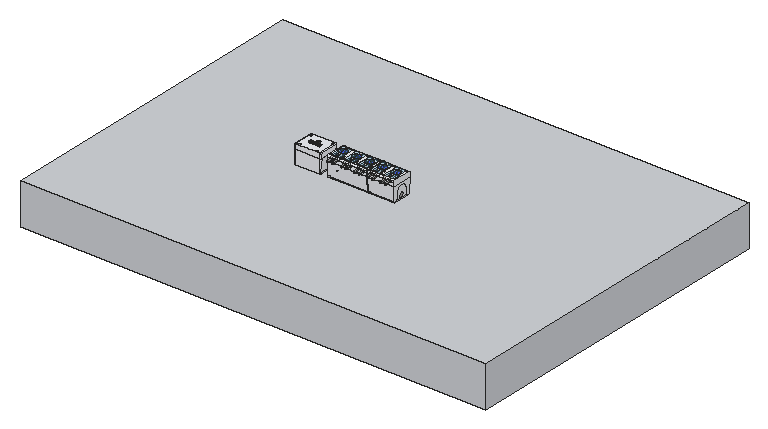
Revit family "QF_ELECTROLUXPROFESSIONAL_1LSMZW_DOSAVE", category Specialty Equipment, host Face, Revit 2014 (continued)
Definition of nested family "QF_ELECTROLUXPROFESSIONAL_EDS_2PUMPS"
  Forms (mm)
    Extrusion 20, void
      sketch origin (0, 0, 151.252) x (0, -1, 0) y (1, 0, 0)
        loop
          arc (66.003, 248) -> (64.539, 251.536) -> (61.003, 253) r 5
          line (61.003, 253) -> (40.513, 253)
          arc (40.513, 253) -> (33.183, 245) -> (40.513, 237) r 8.031
          line (40.513, 237) -> (61.003, 237)
          arc (61.003, 237) -> (64.539, 238.464) -> (66.003, 242) r 5
          line (66.003, 242) -> (66.003, 245)
        loop
          line (86.222, 369) -> (16.583, 369)
          arc (16.583, 369) -> (-30, 344) -> (16.583, 319) r 30
          line (16.583, 319) -> (86.222, 319) -> (86.222, 334) -> (28.284, 334)
          arc (28.284, 334) -> (30, 344) -> (28.284, 354) r 30
          line (28.284, 354) -> (86.222, 354) -> (86.222, 369)
        loop
          circle (-38, 344) r 5
        loop
          line (66.003, 344) -> (66.003, 347)
          arc (66.003, 347) -> (64.539, 350.536) -> (61.003, 352) r 5
          line (61.003, 352) -> (40.513, 352)
          arc (40.513, 352) -> (33.183, 344) -> (40.513, 336) r 8.031
          line (40.513, 336) -> (61.003, 336)
          arc (61.003, 336) -> (64.539, 337.464) -> (66.003, 341) r 5
          line (66.003, 341) -> (66.003, 344)
      from 0 to -22
    Extrusion 21, solid, material "QF_Finishes_Blue"
      sketch origin (0, 0, 151.252) x (0, -1, 0) y (1, 0, 0)
        loop
          arc (40.513, 253) -> (33.183, 245) -> (40.513, 237) r 8.031
          line (40.513, 237) -> (61.003, 237)
          arc (61.003, 237) -> (64.539, 238.464) -> (66.003, 242) r 5
          line (66.003, 242) -> (66.003, 248)
          arc (66.003, 248) -> (64.539, 251.536) -> (61.003, 253) r 5
          line (61.003, 253) -> (40.513, 253)
        loop
          arc (40.513, 352) -> (33.183, 344) -> (40.513, 336) r 8.031
          line (40.513, 336) -> (61.003, 336)
          arc (61.003, 336) -> (64.539, 337.464) -> (66.003, 341) r 5
          line (66.003, 341) -> (66.003, 347)
          arc (66.003, 347) -> (64.539, 350.536) -> (61.003, 352) r 5
          line (61.003, 352) -> (40.513, 352)
      from 0 to 1.8
  Cuts and joins
    Extrusion 4, Extrusion 5, Extrusion 18 cuts Extrusion 2
    Extrusion 20 cuts Extrusion 3
    Extrusion 20 cuts Extrusion 8
    Extrusion 20 cuts Extrusion 9
    Extrusion 20 cuts Revolve 10
    Extrusion 20 cuts Extrusion 11
    Extrusion 20 cuts Revolve 12
    Extrusion 20 cuts Revolve 14
    Extrusion 20 cuts Revolve 16
  Lines and regions (mm)
    symbolic lines
      curve 1: line (392.5, 0, 5) -> (392.5, 0, 111.417)
      curve 2: line (392.5, 0, 111.417) -> (392.5, 0, 151.252)
      curve 3: line (196.5, 0, 151.252) -> (196.5, 0, 111.417)
      curve 4: line (196.5, 0, 111.417) -> (196.5, 0, 5)
      curve 5: line (382, 0, 153.019) -> (306, 0, 153.019)
      curve 6: line (392.5, 0, 111.417) -> (196.5, 0, 111.417)
      curve 7: line (196.5, 0, 5) -> (392.5, 0, 5)
      curve 8: line (392.5, 0, 151.252) -> (196.5, 0, 151.252)
      curve 9: line (382, 0, 151.252) -> (382, 0, 153.019)
      curve 10: line (306, 0, 151.252) -> (306, 0, 153.019)
      curve 11: line (349.023, 0, 157.471) -> (338.977, 0, 157.471)
      curve 12: line (338.977, 0, 157.471) -> (338.977, 0, 153.019)
      curve 13: line (349.023, 0, 157.471) -> (349.023, 0, 153.019)
      curve 14: arc (349.023, 0, 157.471) -> (344, 0, 161.264) -> (338.977, 0, 157.471) r 5.222
      curve 15: arc (313.991, 0, 153.019) -> (327.249, 0, 158.344) -> (341.366, 0, 160.55) r 63.114
      curve 16: arc (346.636, 0, 160.55) -> (360.742, 0, 158.341) -> (373.991, 0, 153.019) r 63.114
      curve 17: line (283, 0, 153.019) -> (207, 0, 153.019)
      curve 18: line (283, 0, 151.252) -> (283, 0, 153.019)
      curve 19: line (207, 0, 151.252) -> (207, 0, 153.019)
      curve 20: line (250.023, 0, 157.471) -> (239.977, 0, 157.471)
      curve 21: line (239.977, 0, 157.471) -> (239.977, 0, 153.019)
      curve 22: line (250.023, 0, 157.471) -> (250.023, 0, 153.019)
      curve 23: arc (250.023, 0, 157.471) -> (245, 0, 161.264) -> (239.977, 0, 157.471) r 5.222
      curve 24: arc (214.991, 0, 153.019) -> (228.249, 0, 158.344) -> (242.366, 0, 160.55) r 63.114
      curve 25: arc (247.636, 0, 160.55) -> (261.742, 0, 158.341) -> (274.991, 0, 153.019) r 63.114
      curve 26: line (387.5, 0, 5) -> (387.5, 0, 0)
      curve 27: line (201.5, 0, 5) -> (201.5, 0, 0)
  Dimensions and locks
    plane 4 "Display" to Extrusion 1 = 53.293 mm
    plane 9 "PlanePump" to Extrusion 1 = 151.252 mm
    plane 7 "Left" to plane 8 "Right" = 196 mm
    plane 9 "PlanePump" to plane 14 "TopBolt" = 11 mm
    Extrusion 1 to plane 14 "TopBolt" = 162.252 mm
    aligned and locked: plane 2 to Extrusion 1
    aligned and locked: level to Extrusion 1
    aligned and locked: plane 7 "Left" to Extrusion 3
    aligned and locked: Extrusion 3 to plane 8 "Right"
